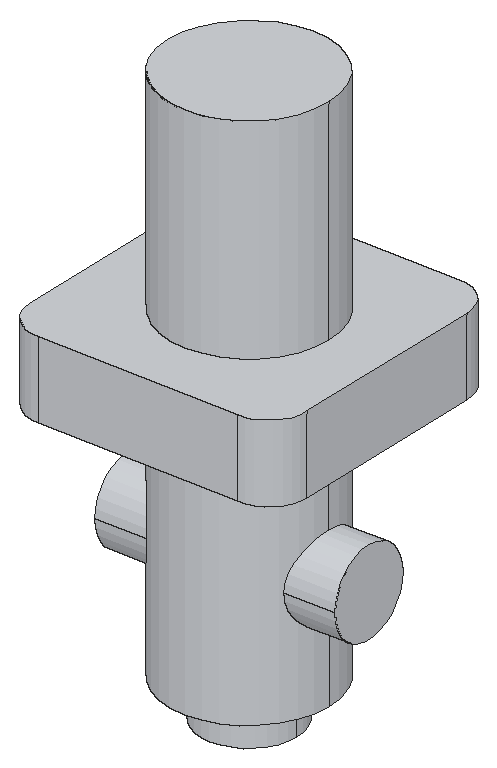
Revit family "M_Válvula reguladora de pressão - 15-50 mm - Rosqueada", category Acessórios do tubo, Revit 2019
Family settings
  Cota do conector redondo = Usar raio
  Tipo de parte = Válvula - Quebra entre
  Número OmniClass = 23.65.55.14.17
  Título OmniClass = Adjusting/Controlling Valves for Liquid Services
  ID de item do Seek = Pressure Regulating Valve - 15-50 mm - Threaded-0000-CAN-ENU
  Com base no plano de trabalho = Não
  Sempre na vertical = Sim
  Corte com vazios quando carregada = Não
  Compartilhado = Não
Parameters (values of type "15 mm")
  Material da válvula = none
  Comprimento da válvula = 79 mm
  Raio = Raio do corpo * 0.6  # 15.9 mm
  Altura total = 191 mm
  Raio externo = Diâmetro externo / 2  # 14 mm
  Diâmetro externo = Diâmetro Nominal + 13 mm  # 28 mm
  Raio nominal = 7.5 mm
  Diâmetro Nominal = Raio nominal * 2  # 15 mm
  Comprimento = (Diâmetro do corpo + 38 mm) / 2  # 45.5 mm
  K Coefficient = 18.5
  Altura 2 = Altura total / 2  # 95.5 mm
  Altura 1 = 51 mm
  Fluxo [instance] = 5.8 L/s
  Raio do corpo = Diâmetro do corpo / 2  # 26.5 mm
  Material do corpo = none
  Diâmetro do corpo = Diâmetro externo + 25 mm  # 53 mm
Types (6, lengths in mm): name | Comprimento da válvula | Raio | Altura total | Raio externo | Diâmetro externo | Raio nominal | Diâmetro Nominal | Comprimento | K Coefficient | Altura 2 | Altura 1 | Fluxo | Raio do corpo | Diâmetro do corpo
  (no name) | 79 | 15.9 | 191 | 14 | 28 | 7.5 | 15 | 45.5 | 18.5 | 95.5 | 51 | 5.8 L/s | 26.5 | 53
  15 mm | 79 | 15.9 | 191 | 14 | 28 | 7.5 | 15 | 45.5 | 18.5 | 95.5 | 51 | 5.8 L/s | 26.5 | 53
  20 mm | 86 | 17.4 | 191 | 16.5 | 33 | 10 | 20 | 48 | 21.5 | 95.5 | 51 | 6.94 L/s | 29 | 58
  25 mm | 95 | 18.9 | 191 | 19 | 38 | 12.5 | 25 | 50.5 | 36 | 95.5 | 51 | 11.36 L/s | 31.5 | 63
  40 mm | 140 | 23.4 | 308 | 26.5 | 53 | 20 | 40 | 58 | 80 | 154 | 76 | 24.61 L/s | 39 | 78
  50 mm | 149 | 26.4 | 308 | 31.5 | 63 | 25 | 50 | 63 | 122 | 154 | 76 | 38.17 L/s | 44 | 88
Reference planes
  plane 1 "Centro (Frente/Trás)": y = 0
  plane 2: z = 0
  plane 3 "Centro (Esquerda/Direita)": x = 0
  plane 4: z = -51
  plane 5: z = 140
  plane 6: z = 44.5
  plane 7: z = 69.9
  plane 8: z = -38.3
  plane 9: x = -45.5
  plane 10: x = 45.5
  plane 11: y = -45.5
  plane 12: y = 45.5
  plane 13: x = -39.5
  plane 14: x = 39.5
  plane 15: y = 101.6
  plane 16: y = 152.4
  plane 17: y = 203.2
  plane 18: x = 76.2
  plane 19: y = 127
Forms (mm)
  Extrusion 1, solid, material <- "Material do corpo", detail levels fine
    sketch origin (0, 0, 0) x (1, 0, 0) y (0, 1, 0)
      loop
        circle (0, 0) r 26.5
    from 69.9 to 140
  Extrusion 2, solid, material <- "Material da válvula", detail levels fine
    sketch origin (0, 0, 0) x (1, 0, 0) y (0, 1, 0)
      loop
        circle (0, 0) r 26.5
    from -38.3 to 44.5
  Extrusion 3, solid, material <- "Material da válvula", detail levels fine
    sketch origin (0, 0, 0) x (1, 0, 0) y (0, 1, 0)
      loop
        circle (0, 0) r 15.9
    from -51 to -38.3
  Extrusion 4, solid, material <- "Material da válvula", detail levels fine
    sketch origin (0, 0, 0) x (1, 0, 0) y (0, 1, 0)
      loop
        arc (-32.8, 45.5) -> (-41.78, 41.78) -> (-45.5, 32.8) r 12.7
        line (-45.5, 32.8) -> (-45.5, -32.8)
        arc (-45.5, -32.8) -> (-41.78, -41.78) -> (-32.8, -45.5) r 12.7
        line (-32.8, -45.5) -> (32.8, -45.5)
        arc (32.8, -45.5) -> (41.78, -41.78) -> (45.5, -32.8) r 12.7
        line (45.5, -32.8) -> (45.5, 32.8)
        arc (45.5, 32.8) -> (41.78, 41.78) -> (32.8, 45.5) r 12.7
        line (32.8, 45.5) -> (-32.8, 45.5)
    from 44.5 to 69.9
  Extrusion 5, solid, material <- "Material da válvula", detail levels fine
    sketch origin (0, 0, 0) x (0, 1, 0) y (0, 0, 1)
      loop
        circle (0, 0) r 14
    from -39.5 to 39.5
Cuts and joins
  joined: Extrusion 2, Extrusion 3, Extrusion 4, Extrusion 5
Lines and regions (mm)
  model lines, detail levels coarse+medium
    curve 1: line (0, 101.6, 0) -> (0, 0, 0)
    curve 2: line (-50.8, 101.6, 0) -> (50.8, 101.6, 0)
    curve 3: arc (50.8, 101.6, 0) -> (0, 152.4, 0) -> (-50.8, 101.6, 0) r 50.8
    curve 4: line (0, 203.2, 0) -> (0, 152.4, 0)
    curve 5: line (0, 203.2, 0) -> (76.2, 203.2, 0)
    curve 6: line (76.2, 203.2, 0) -> (76.2, 101.6, 0)
    curve 7: line (76.2, 101.6, 0) -> (0, 0, 0)
    curve 8: line (-39.5, 45.5, 0) -> (-39.5, -45.5, 0)
    curve 9: line (39.5, 45.5, 0) -> (39.5, -45.5, 0)
    curve 10: line (-39.5, 45.5, 0) -> (39.5, -45.5, 0)
    curve 11: line (39.5, 45.5, 0) -> (-39.5, -45.5, 0)
    curve 12: line (39.5, 0, 0) -> (176.213, 0, 0)
    curve 13: line (-141.1, 0, 0) -> (-39.5, 0, 0)
Dimensions and locks
  "Altura total": plane 5 to plane 4
  "Altura 1": plane 2 to plane 4
  "Altura 2": plane 5 to plane 6
  locked: plane 7 to plane 6 at 25.4
  locked: plane 8 to plane 4 at 12.7
  "Comprimento": plane 1 "Centro (Frente/Trás)" to plane 12
  "Comprimento": plane 11 to plane 1 "Centro (Frente/Trás)"
  "Comprimento": plane 9 to plane 3 "Centro (Esquerda/Direita)"
  "Comprimento": plane 3 "Centro (Esquerda/Direita)" to plane 10
  equal spacing: plane 14, plane 3 "Centro (Esquerda/Direita)", plane 13
  "Comprimento da válvula": plane 14 to plane 13
  locked: plane 1 "Centro (Frente/Trás)" to plane 15 at 101.6
  locked: plane 16 to plane 15 at 50.8
  locked: plane 17 to plane 16 at 50.8
  locked: plane 3 "Centro (Esquerda/Direita)" to plane 18 at 76.2
  locked: plane 16 to plane 19 at 25.4
  "Raio do corpo": radius of Extrusion 1 sketch curve
  "Raio do corpo": radius of Extrusion 2 sketch curve
  "Raio": radius of Extrusion 3 sketch curve
  "Raio externo": radius of Extrusion 5 sketch curve
  aligned and locked: plane 1 "Centro (Frente/Trás)" to Extrusion 1 sketch curve
  aligned and locked: plane 3 "Centro (Esquerda/Direita)" to Extrusion 1 sketch curve
  aligned and locked: plane 5 to Extrusion 1
  aligned and locked: Extrusion 1 to plane 7
  aligned and locked: plane 1 "Centro (Frente/Trás)" to Extrusion 2 sketch curve
  aligned and locked: plane 3 "Centro (Esquerda/Direita)" to Extrusion 2 sketch curve
  aligned and locked: Extrusion 2 to plane 8
  aligned and locked: plane 6 to Extrusion 2
  aligned and locked: plane 8 to Extrusion 2
  aligned and locked: plane 1 "Centro (Frente/Trás)" to Extrusion 3 sketch curve
  aligned and locked: plane 3 "Centro (Esquerda/Direita)" to Extrusion 3 sketch curve
  aligned and locked: Extrusion 3 to plane 4
  aligned and locked: plane 8 to Extrusion 3
  aligned and locked: Extrusion 4 sketch curve to plane 12
  aligned and locked: Extrusion 4 sketch curve to plane 10
  aligned and locked: Extrusion 4 to plane 6
  aligned and locked: plane 7 to Extrusion 4
  aligned and locked: plane 2 to Extrusion 5 sketch curve
  aligned and locked: plane 1 "Centro (Frente/Trás)" to Extrusion 5 sketch curve
  aligned and locked: Extrusion 5 to plane 13
  aligned and locked: plane 14 to Extrusion 5
  aligned and locked: plane 1 "Centro (Frente/Trás)" to curve 1
  aligned and locked: plane 15 to curve 1
  aligned and locked: curve 1 to plane 3 "Centro (Esquerda/Direita)"
  aligned and locked: curve 2 to plane 15
  aligned and locked: plane 16 to curve 4
  aligned and locked: curve 4 to plane 3 "Centro (Esquerda/Direita)"
  aligned and locked: plane 18 to curve 5
  aligned and locked: curve 5 to plane 17
  aligned and locked: plane 15 to curve 6
  aligned and locked: plane 17 to curve 6
  aligned and locked: plane 11 to curve 8
  aligned and locked: plane 12 to curve 8
  aligned and locked: curve 8 to plane 13
  aligned and locked: plane 11 to curve 9
  aligned and locked: plane 12 to curve 9
  aligned and locked: curve 9 to plane 14
  aligned and locked: plane 14 to curve 12
  aligned and locked: plane 1 "Centro (Frente/Trás)" to curve 12
  aligned and locked: plane 13 to curve 13
  aligned and locked: plane 1 "Centro (Frente/Trás)" to curve 13
Automatic sketch dimensions
  Extrusion 4 sketch curve to plane 9 = 0 mm
  Extrusion 4 sketch curve to plane 11 = 0 mm
  plane 9 to Extrusion 4 sketch curve = 12.7 mm  (x2)
  Extrusion 4 sketch curve to plane 10 = 12.7 mm  (x2)
  curve 3 to plane 3 "Centro (Esquerda/Direita)" = 0 mm
  curve 13 to curve 13 = 101.6 mm
  plane 18 to curve 12 = 100.013 mm
Connectors
  piping at (-39.5, 0, 0), diameter 15, driven by "Raio nominal", driven by "Fluxo"
    settings: on cut or joined group of Extrusion 2, Extrusion 3, Extrusion 4, Extrusion 5, index 1, connector inside diameter 15 mm, connector length 0 mm, flow factor 0, pipe flow 5.8 L/s, pressure drop 0.0 Pa, fitting loss kfactor 0, connector angle 0.00°, fixture units 0, engagement length 0 mm, angle of deflection 0.00°, flow configuration 0, flow direction 0, fitting loss method 2, system type 29, joint type 0, gender type 0, connector reference index 2, connector utility 0, adjustable connector no, is connector primary yes, connector description ""
  piping at (39.5, 0, 0), diameter 15, driven by "Raio nominal", driven by "Fluxo", driven by "K Coefficient"
    settings: on cut or joined group of Extrusion 2, Extrusion 3, Extrusion 4, Extrusion 5, index 2, connector inside diameter 15 mm, connector length 0 mm, flow factor 0, pipe flow 5.8 L/s, pressure drop 0.0 Pa, fitting loss kfactor 18.5, connector angle 0.00°, fixture units 0, engagement length 0 mm, angle of deflection 0.00°, flow configuration 0, flow direction 0, fitting loss method 2, system type 29, joint type 0, gender type 0, connector reference index 1, connector utility 0, adjustable connector no, is connector primary no, connector description ""
